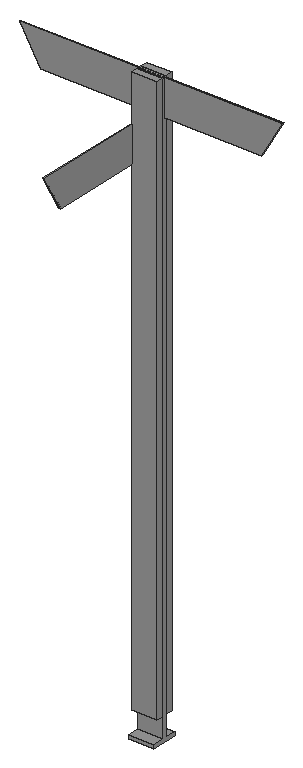
Revit family "13961 Информационный указатель «Линк» Хоббика", category Антураж, Revit 2018
Family settings
  На основе рабочей плоскости = Нет
  Всегда вертикально = Да
  При загрузке вырезать с полостями = Нет
  Источник визуального образа = Геометрия семейства
  Общий = Нет
  Точка расчета площади = Нет
Parameters (values of type "3 стрелки")
  Ширина = if([3 стрелки], 560 mm, 1000 mm)  # 560 mm
  Цвет отделки = Дерево
  Цвет каркаса = Сталь
  Описание = if([3 стрелки], "Информационный указатель «Линк». Версия 3 стрелки", "Информационный указатель «Линк». Версия 4 стрелки")  # "Информационный указатель «Линк». Версия 3 стрелки"
  Материал изделия = "Сталь, дерево"  # constant formula
  Изображение типоразмера = Информационный указатель «Линк» Арт 13961.jpg
  Изготовитель = "ООО «Хоббика»"  # constant formula
  Длина = 1100 mm  # constant formula
  Группа модели = "Стенды и указатели"  # constant formula
  Высота = 2500 mm  # constant formula
  Артикул товара = "Арт. 13961"  # constant formula
  URL = "https://hobbyka.ru/product/informatsionnyy_ukazatel_link"
  4 стрелки = not([3 стрелки])  # no
  3 стрелки = yes
Types (3, lengths in mm): name | Ширина | Описание | 4 стрелки | 3 стрелки
  (no name) | 560 | "Информационный указатель «Линк». Версия 3 стрелки" | no | yes
  3 стрелки | 560 | "Информационный указатель «Линк». Версия 3 стрелки" | no | yes
  4 стрелки | 1000 | "Информационный указатель «Линк». Версия 4 стрелки" | yes | no
Reference planes
  plane 1 "По центру (Вперед/Назад)": y = 0
  plane 2: z = 0
  plane 3 "По центру (Влево/Вправо)": x = 0
  plane 4: x = 1100
  plane 5: y = 560
  plane 6: z = 2500
Dimensions and locks
  "Ширина": plane 5 to plane 1 "По центру (Вперед/Назад)"
  "Длина": plane 3 "По центру (Влево/Вправо)" to plane 4
  "Высота": plane 6 to plane 2
  aligned and locked: level to plane 2
  aligned and locked: plane 1 "По центру (Вперед/Назад)" to nested 1
  aligned and locked: plane 3 "По центру (Влево/Вправо)" to nested 1
  aligned and locked: plane 1 "По центру (Вперед/Назад)" to nested 2
  aligned and locked: plane 3 "По центру (Влево/Вправо)" to nested 2
Nested families
  nested 1: "13961 Информационный стенд «Линк» Хоббика 3 стрелки" at (0, 0, 0), type "4 стрелки"
  nested 2: "13961 Информационный стенд «Линк» Хоббика 4 стрелки" at (0, 0, 0), visible <- "4 стрелки", type "4 стрелки"
Definition of nested family "13961 Информационный стенд «Линк» Хоббика 3 стрелки"
  Parameters (values of type "4 стрелки")
    Ширина = 560 mm  # constant formula
    Цвет отделки = none
    Цвет каркаса = none
    Description = "Информационный указатель «Линк». Версия на 4 стрелки"  # constant formula
    Материал изделия = "Сталь, дерево"  # constant formula
    Type Image = element 2442
    Manufacturer = "ООО «Хоббика»"  # constant formula
    Длина = 1100 mm  # constant formula
    Model = "Стенды и указатели"  # constant formula
    Height = 2500 mm  # constant formula
    Артикул товара = "Арт. 13961"  # constant formula
    URL = "https://hobbyka.ru/product/informatsionnyy_ukazatel_link"
    4 стрелки = yes
  Reference planes
    plane 1 "По центру (Вперед/Назад)": y = 0
    plane 2: z = 0
    plane 3 "По центру (Влево/Вправо)": x = 0
    plane 4: x = 1100
    plane 5: y = 560
    plane 6: z = 2500
  Forms (mm)
    Extrusion 1, solid, material <- "Цвет отделки"
      sketch origin (602.5, 240, 0) x (0, 1, 0) y (0, 0, 1)
        loop
          line (250, 100) -> (250, 2500) -> (220, 2500) -> (220, 100) -> (250, 100)
      from 0 to -105
    Extrusion 2, solid, material <- "Цвет отделки"
      sketch origin (602.5, 290, 0) x (0, 1, 0) y (0, 0, 1)
        loop
          line (250, 100) -> (250, 2500) -> (220, 2500) -> (220, 100) -> (250, 100)
      from 0 to -105
    Extrusion 3, solid, material <- "Цвет каркаса"
      sketch origin (602.5, 190, 0) x (0, 1, 0) y (0, 0, 1)
        loop
          line (300, 2500) -> (300, 15) -> (255, 15) -> (255, 0) -> (365, 0) -> (365, 15) -> (320, 15) -> (320, 2500) -> (300, 2500)
      from 0 to -105
    Extrusion 4, solid, material <- "Цвет каркаса"
      sketch origin (0, 0, 0) x (1, 0, 0) y (0, 0, 1)
        loop
          line (0, 2500) -> (86.603, 2350) -> (1013.397, 2350) -> (1100, 2500) -> (0, 2500)
      from -502.5 to -497.5
    Extrusion 5, solid, material <- "Цвет каркаса"
      sketch origin (995, 0, -200) x (0, 1, 0) y (0, 0, 1)
        loop
          line (0, 2500) -> (86.603, 2350) -> (510, 2350) -> (510, 2500) -> (0, 2500)
      from -502.5 to -497.5
  Lines and regions (mm)
    symbolic lines
      curve 1: line (602.5, 502.5, 0) -> (607.5, 497.5, 0)
  Dimensions and locks
    "Ширина": plane 5 to plane 1 "По центру (Вперед/Назад)"
    "Длина": plane 3 "По центру (Влево/Вправо)" to plane 4
    "Height": plane 6 to plane 2
    locked: Extrusion 3 sketch curve to Extrusion 3 sketch curve at 45  (x2)
    plane 4 to plane 3 "По центру (Влево/Вправо)" = 1100 mm
    aligned and locked: level to plane 2
    aligned and locked: Extrusion 2 to Extrusion 3
    aligned and locked: Extrusion 1 to Extrusion 3
  Automatic sketch dimensions
    Extrusion 1 sketch curve to plane 6 = 0 mm
    level to Extrusion 1 sketch curve = 100 mm
    Extrusion 1 sketch curve to plane 1 "По центру (Вперед/Назад)" = 460 mm
    Extrusion 1 sketch curve to Extrusion 1 sketch curve = 30 mm
    Extrusion 2 sketch curve to plane 6 = 0 mm
    level to Extrusion 2 sketch curve = 100 mm
    Extrusion 2 sketch curve to plane 5 = 50 mm
    Extrusion 2 sketch curve to Extrusion 2 sketch curve = 30 mm
    Extrusion 3 sketch curve to level = 0 mm
    Extrusion 3 sketch curve to plane 6 = 0 mm
    Extrusion 3 sketch curve to plane 1 "По центру (Вперед/Назад)" = 445 mm
    Extrusion 3 sketch curve to Extrusion 3 sketch curve = 20 mm
    level to Extrusion 3 sketch curve = 15 mm  (x2)
    Extrusion 4 sketch curve to plane 3 "По центру (Влево/Вправо)" = 0 mm
    Extrusion 4 sketch curve to plane 4 = 0 mm
    Extrusion 4 sketch curve to plane 6 = 0 mm
    plane 3 "По центру (Влево/Вправо)" to Extrusion 4 sketch curve = 86.603 mm
    Extrusion 4 sketch curve to plane 4 = 86.603 mm
    Extrusion 4 sketch curve to plane 6 = 150 mm
    Extrusion 5 sketch curve to plane 6 = 200 mm
    plane 1 "По центру (Вперед/Назад)" to Extrusion 5 sketch curve = 0 mm
    Extrusion 5 sketch curve to plane 1 "По центру (Вперед/Назад)" = 86.603 mm
    curve 1 to plane 4 = 497.5 mm
    curve 1 to plane 1 "По центру (Вперед/Назад)" = 497.5 mm
    curve 1 to curve 1 = 5 mm  (x2)
    Extrusion 5 sketch curve to Extrusion 5 sketch curve = 423.397 mm
    Extrusion 5 sketch curve to Extrusion 5 sketch curve = 150 mm
Definition of nested family "13961 Информационный стенд «Линк» Хоббика 4 стрелки"
  Parameters (values of type "4 стрелки")
    Ширина = 1000 mm  # constant formula
    Цвет отделки = none
    Цвет каркаса = none
    Description = "Информационный указатель «Линк». Версия на 4 стрелки"  # constant formula
    Материал изделия = "Сталь, дерево"  # constant formula
    Type Image = element 3445
    Manufacturer = "ООО «Хоббика»"  # constant formula
    Длина = 1100 mm  # constant formula
    Model = "Стенды и указатели"  # constant formula
    Height = 2500 mm  # constant formula
    Артикул товара = "Арт. 13961"  # constant formula
    URL = "https://hobbyka.ru/product/informatsionnyy_ukazatel_link"
    4 стрелки = yes
  Reference planes
    plane 1 "По центру (Вперед/Назад)": y = 0
    plane 2: z = 0
    plane 3 "По центру (Влево/Вправо)": x = 0
    plane 4: x = 1100
    plane 5: y = 1000
    plane 6: z = 2500
  Forms (mm)
    Extrusion 1, solid, material <- "Цвет отделки"
      sketch origin (602.5, 240, 0) x (0, 1, 0) y (0, 0, 1)
        loop
          line (250, 100) -> (250, 2500) -> (220, 2500) -> (220, 100) -> (250, 100)
      from 0 to -105
    Extrusion 2, solid, material <- "Цвет отделки"
      sketch origin (602.5, 290, 0) x (0, 1, 0) y (0, 0, 1)
        loop
          line (250, 100) -> (250, 2500) -> (220, 2500) -> (220, 100) -> (250, 100)
      from 0 to -105
    Extrusion 3, solid, material <- "Цвет каркаса"
      sketch origin (602.5, 190, 0) x (0, 1, 0) y (0, 0, 1)
        loop
          line (300, 2500) -> (300, 15) -> (255, 15) -> (255, 0) -> (365, 0) -> (365, 15) -> (320, 15) -> (320, 2500) -> (300, 2500)
      from 0 to -105
    Extrusion 4, solid, material <- "Цвет каркаса"
      sketch origin (0, 0, 0) x (1, 0, 0) y (0, 0, 1)
        loop
          line (0, 2500) -> (86.603, 2350) -> (1013.397, 2350) -> (1100, 2500) -> (0, 2500)
      from -502.5 to -497.5
    Extrusion 5, solid, material <- "Цвет каркаса"
      sketch origin (763.013, -226.314, -200) x (0.5, 0.866025, 0) y (0, 0, 1)
        loop
          line (540.09, 2500) -> (540.09, 2350) -> (1013.397, 2350) -> (1100, 2500) -> (540.09, 2500)
      from -502.5 to -497.5
    Extrusion 6, solid, material <- "Цвет каркаса"
      sketch origin (995, 0, -200) x (0, 1, 0) y (0, 0, 1)
        loop
          line (0, 2500) -> (86.603, 2350) -> (510, 2350) -> (510, 2500) -> (0, 2500)
      from -502.5 to -497.5
  Lines and regions (mm)
    symbolic lines
      curve 1: line (602.5, 502.5, 0) -> (607.5, 497.5, 0)
  Dimensions and locks
    "Ширина": plane 5 to plane 1 "По центру (Вперед/Назад)"
    "Длина": plane 3 "По центру (Влево/Вправо)" to plane 4
    "Height": plane 6 to plane 2
    locked: Extrusion 3 sketch curve to Extrusion 3 sketch curve at 45  (x2)
    plane 4 to plane 3 "По центру (Влево/Вправо)" = 1100 mm
    aligned and locked: level to plane 2
    aligned and locked: Extrusion 2 to Extrusion 3
    aligned and locked: Extrusion 1 to Extrusion 3
  Automatic sketch dimensions
    Extrusion 1 sketch curve to plane 6 = 0 mm
    level to Extrusion 1 sketch curve = 100 mm
    Extrusion 1 sketch curve to plane 1 "По центру (Вперед/Назад)" = 460 mm
    Extrusion 1 sketch curve to Extrusion 1 sketch curve = 30 mm
    Extrusion 2 sketch curve to plane 6 = 0 mm
    level to Extrusion 2 sketch curve = 100 mm
    Extrusion 2 sketch curve to plane 5 = 490 mm
    Extrusion 2 sketch curve to Extrusion 2 sketch curve = 30 mm
    Extrusion 3 sketch curve to level = 0 mm
    Extrusion 3 sketch curve to plane 6 = 0 mm
    Extrusion 3 sketch curve to plane 1 "По центру (Вперед/Назад)" = 445 mm
    Extrusion 3 sketch curve to Extrusion 3 sketch curve = 20 mm
    level to Extrusion 3 sketch curve = 15 mm  (x2)
    Extrusion 4 sketch curve to plane 3 "По центру (Влево/Вправо)" = 0 mm
    Extrusion 4 sketch curve to plane 4 = 0 mm
    Extrusion 4 sketch curve to plane 6 = 0 mm
    plane 3 "По центру (Влево/Вправо)" to Extrusion 4 sketch curve = 86.603 mm
    Extrusion 4 sketch curve to plane 4 = 86.603 mm
    Extrusion 4 sketch curve to plane 6 = 150 mm
    Extrusion 6 sketch curve to plane 6 = 200 mm
    plane 1 "По центру (Вперед/Назад)" to Extrusion 6 sketch curve = 0 mm
    Extrusion 6 sketch curve to plane 1 "По центру (Вперед/Назад)" = 86.603 mm
    curve 1 to plane 4 = 497.5 mm
    curve 1 to plane 1 "По центру (Вперед/Назад)" = 497.5 mm
    curve 1 to curve 1 = 5 mm  (x2)
    Extrusion 6 sketch curve to Extrusion 6 sketch curve = 423.397 mm
    Extrusion 6 sketch curve to Extrusion 6 sketch curve = 150 mm
    Extrusion 5 sketch curve to plane 6 = 200 mm
    Extrusion 5 sketch curve to Extrusion 5 sketch curve = 0 mm
    Extrusion 5 sketch curve to plane 6 = 350 mm
    Extrusion 5 sketch curve to Extrusion 5 sketch curve = 473.308 mm
    Extrusion 5 sketch curve to Extrusion 5 sketch curve = 86.603 mm
